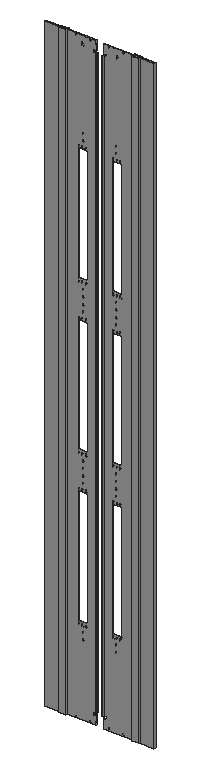
Revit family "ITK by ZPAS_ Фальшпанель вертикальная_ 42U-47U_800 мм", category Обобщенные модели, Revit 2019
Family settings
  Может служить основой для арматурных стержней = Нет
  Размер круглого соединителя = Использовать диаметр
  Тип детали = Нормальный
  На основе рабочей плоскости = Нет
  Всегда вертикально = Да
  При загрузке вырезать с полостями = Нет
  Общий = Нет
  Точка расчета площади = Нет
Parameters (values of type "В2100_Черная")
  Ширина = 500 mm
  Материал = Окраска - RAL 9005
  Изготовитель = "ITK"  # constant formula
  Дата изменения = ""
  Высота = 2100 mm
  URL = "https://www.iek.ru/"
  KSI_CPr_Строительные изделия = "61.1.04.08"  # constant formula
  KSI_CMa_Строительные материалы = "10.03.02.06"  # constant formula
  IEK_Цена за единицу = 29080.51
  IEK_Поиск в таблице имен = ""
  IEK_Описание = "Закрывают пространство между 19-дюймовыми монтажными профилями и боковой панелью шкафа. В фальшпанелях для шкафов шириной 800 мм предусмотрены отверстия для кабельных колец и установки кабельных каналов высотой 1U, что позволяет устанавливать различное дополнительное оборудование. Фальшпанели крепятся к монтажным профилям без использования инструментов."
  IEK_URL = "https://www.itk-group.ru/produktsiya/catalog/oborudovanie_telekommunikatsionnoe/kompleksnye_resheniya_dlya_tsod/shkafy_i_aksessuary_dlya_tsod/komplektuyushchie_i_aksessuary_dlya_shkafov_itk_by_zpas/paneli_peregorodki_itk_by_zpas/itk_by_zpas_falsh_panel_vertikalnaya_19_47u_800mm_chernaya_2sht_kompl"
  ADSK_Примечание = ""
  ADSK_Позиция [instance] = ""
  ADSK_Наименование = "ITK by ZPAS Фальшпанель вертикальная 19\" 47U 800 черная (2шт/компл)"
  ADSK_Материал обозначение = ""
  ADSK_Материал наименование = "Листовая сталь"  # constant formula
  ADSK_Масса = 26
  ADSK_Марка = "by ZPAS"  # constant formula
  ADSK_Код изделия = "ZP-FP05-47U-V-0800"
  ADSK_Завод-изготовитель = "IEK"  # constant formula
  ADSK_Единица измерения = "компл"  # constant formula
  ADSK_Группирование = "I. ЩИТЫ И ПУЛЬТЫ"  # constant formula
  ADSK_Версия семейства = "1.0"  # constant formula
  ADSK_Версия Revit = "2019"  # constant formula
  ADSK_URL страницы изделия = "https://www.itk-group.ru/produktsiya/catalog/oborudovanie_telekommunikatsionnoe/kompleksnye_resheniya_dlya_tsod/shkafy_i_aksessuary_dlya_tsod/komplektuyushchie_i_aksessuary_dlya_shkafov_itk_by_zpas/paneli_peregorodki_itk_by_zpas/?pagec=100"
Types (6, lengths in mm): name | Материал | Высота | IEK_Цена за единицу | IEK_URL | ADSK_Наименование | ADSK_Масса | ADSK_Код изделия
  В1900_Черная | Окраска - RAL 9005 | 1900 | 26940.7 | "https://www.itk-group.ru/produktsiya/catalog/oborudovanie_telekommunikatsionnoe/kompleksnye_resheniya_dlya_tsod/shkafy_i_aksessuary_dlya_tsod/komplektuyushchie_i_aksessuary_dlya_shkafov_itk_by_zpas/paneli_peregorodki_itk_by_zpas/itk_by_zpas_falsh_panel_vertikalnaya_19_42u_800mm_chernaya_2sht_kompl" | "ITK by ZPAS Фальшпанель вертикальная 19\" 42U 800 черная (2шт/компл)" | 25 | "ZP-FP05-42U-V-0800"
  В2000_Черная | Окраска - RAL 9005 | 2000 | 28222.04 | "https://www.itk-group.ru/produktsiya/catalog/oborudovanie_telekommunikatsionnoe/kompleksnye_resheniya_dlya_tsod/shkafy_i_aksessuary_dlya_tsod/komplektuyushchie_i_aksessuary_dlya_shkafov_itk_by_zpas/paneli_peregorodki_itk_by_zpas/itk_by_zpas_falsh_panel_vertikalnaya_19_45u_800mm_chernaya_2sht_kompl" | "ITK by ZPAS Фальшпанель вертикальная 19\" 45U 800 черная (2шт/компл)" | 25.5 | "ZP-FP05-45U-V-0800"
  В2100_Черная | Окраска - RAL 9005 | 2100 | 29080.51 | "https://www.itk-group.ru/produktsiya/catalog/oborudovanie_telekommunikatsionnoe/kompleksnye_resheniya_dlya_tsod/shkafy_i_aksessuary_dlya_tsod/komplektuyushchie_i_aksessuary_dlya_shkafov_itk_by_zpas/paneli_peregorodki_itk_by_zpas/itk_by_zpas_falsh_panel_vertikalnaya_19_47u_800mm_chernaya_2sht_kompl" | "ITK by ZPAS Фальшпанель вертикальная 19\" 47U 800 черная (2шт/компл)" | 26 | "ZP-FP05-47U-V-0800"
  В1900_Серая | Окраска - RAL 7035 | 1900 | 26940.7 | "https://www.itk-group.ru/produktsiya/catalog/oborudovanie_telekommunikatsionnoe/kompleksnye_resheniya_dlya_tsod/shkafy_i_aksessuary_dlya_tsod/komplektuyushchie_i_aksessuary_dlya_shkafov_itk_by_zpas/paneli_peregorodki_itk_by_zpas/itk_by_zpas_falsh_panel_vertikalnaya_19_42u_800mm_seraya_2sht_kompl" | "ITK by ZPAS Фальшпанель вертикальная 19\" 42U 800 серая (2шт/компл)" | 25 | "ZP-FP35-42U-V-0800"
  В2000_Серая | Окраска - RAL 7035 | 2000 | 28222.04 | "https://www.itk-group.ru/produktsiya/catalog/oborudovanie_telekommunikatsionnoe/kompleksnye_resheniya_dlya_tsod/shkafy_i_aksessuary_dlya_tsod/komplektuyushchie_i_aksessuary_dlya_shkafov_itk_by_zpas/paneli_peregorodki_itk_by_zpas/itk_by_zpas_falsh_panel_vertikalnaya_19_45u_800mm_seraya_2sht_kompl" | "ITK by ZPAS Фальшпанель вертикальная 19\" 45U 800 серая (2шт/компл)" | 25.5 | "ZP-FP35-45U-V-0800"
  В2100_Серая | Окраска - RAL 7035 | 2100 | 29080.51 | "https://www.itk-group.ru/produktsiya/catalog/oborudovanie_telekommunikatsionnoe/kompleksnye_resheniya_dlya_tsod/shkafy_i_aksessuary_dlya_tsod/komplektuyushchie_i_aksessuary_dlya_shkafov_itk_by_zpas/paneli_peregorodki_itk_by_zpas/itk_by_zpas_falsh_panel_vertikalnaya_19_47u_800mm_seraya_2sht_kompl" | "ITK by ZPAS Фальшпанель вертикальная 19\" 47U 800 серая (2шт/компл)" | 26 | "ZP-FP35-47U-V-0800"
Reference planes
  plane 1 "По центру (Вперед/Назад)": y = 0
  plane 2: z = 0
  plane 3 "По центру (Влево/Вправо)": x = 0
  plane 4: y = 5
  plane 5: z = 2100
  plane 6: z = 1050
  plane 7: z = 1575
  plane 8: z = 525
  plane 9: y = 4.25
  plane 10: y = 4.25
Forms (mm)
  Extrusion 1, solid, material "Окраска - RAL 9005" <- "Материал", detail levels fine
    sketch origin (0, 0, 0) x (1, 0, 0) y (0, 1, 0)
      loop
        line (-10, 0) -> (-10, 4.018)
        arc (-10, 4.018) -> (-10.288, 4.712) -> (-10.982, 5) r 0.982
        line (-10.982, 5) -> (-130, 5) -> (-130, 3.5) -> (-11.5, 3.5) -> (-11.5, 0) -> (-10, 0)
      loop
        line (10, 0) -> (11.5, 0) -> (11.5, 3.5) -> (130, 3.5) -> (130, 5) -> (11.009, 5)
        arc (11.009, 5) -> (10.296, 4.704) -> (10, 3.991) r 1.009
        line (10, 3.991) -> (10, 0)
    from 0 to 2100 <- "Высота"
  Extrusion 2, void
    sketch origin (0, 0, 0) x (1, 0, 0) y (0, 0, 1)
      loop
        line (-14.233, 2100) -> (-14.233, 2090) -> (-12.455, 2090) -> (-12.455, 2070) -> (-22.455, 2070) -> (-22.455, 2062) -> (-10, 2062) -> (-10, 2100) -> (-14.233, 2100)
      loop
        circle (-31.868, 2095.413) r 2.541
      loop
        circle (-81.868, 2095.413) r 2.541
      loop
        line (-62.274, 2078) -> (-62.274, 2070) -> (-56.274, 2070) -> (-56.274, 2076.708) -> (-57.565, 2078) -> (-62.274, 2078)
      loop
        circle (-56.274, 1800.721) r 2.541
      loop
        circle (-56.274, 1778.4) r 2.541
      loop
        line (-74.274, 1760.372) -> (-74.274, 1754.372) -> (-68.274, 1754.372) -> (-68.274, 1760.372) -> (-74.274, 1760.372)
      loop
        line (-14.233, 0) -> (-10, 0) -> (-10, 38) -> (-22.455, 38) -> (-22.455, 30) -> (-12.455, 30) -> (-12.455, 10) -> (-14.233, 10) -> (-14.233, 0)
      loop
        circle (-31.868, 4.587) r 2.541
      loop
        circle (-81.868, 4.587) r 2.541
      loop
        line (-74.274, 1751.311) -> (-74.274, 1351.311) -> (-43.274, 1351.311) -> (-43.274, 1751.311) -> (-74.274, 1751.311)
      loop
        line (-49.274, 1760.372) -> (-49.274, 1754.372) -> (-43.274, 1754.372) -> (-43.274, 1760.372) -> (-49.274, 1760.372)
      loop
        line (-61.774, 1760.387) -> (-61.774, 1754.387) -> (-55.774, 1754.387) -> (-55.774, 1760.387) -> (-61.774, 1760.387)
      loop
        circle (-56.274, 1299.279) r 2.541
      loop
        circle (-56.274, 1321.6) r 2.541
      loop
        line (-74.274, 1339.628) -> (-68.274, 1339.628) -> (-68.274, 1345.628) -> (-74.274, 1345.628) -> (-74.274, 1339.628)
      loop
        line (-49.274, 1339.628) -> (-43.274, 1339.628) -> (-43.274, 1345.628) -> (-49.274, 1345.628) -> (-49.274, 1339.628)
      loop
        line (-61.774, 1339.613) -> (-55.774, 1339.613) -> (-55.774, 1345.613) -> (-61.774, 1345.613) -> (-61.774, 1339.613)
      loop
        circle (-56.274, 1274.41) r 2.541
      loop
        circle (-56.274, 1252.09) r 2.541
      loop
        line (-74.274, 1234.061) -> (-74.274, 1228.061) -> (-68.274, 1228.061) -> (-68.274, 1234.061) -> (-74.274, 1234.061)
      loop
        line (-74.274, 1225) -> (-74.274, 825) -> (-43.274, 825) -> (-43.274, 1225) -> (-74.274, 1225)
      loop
        line (-49.274, 1234.061) -> (-49.274, 1228.061) -> (-43.274, 1228.061) -> (-43.274, 1234.061) -> (-49.274, 1234.061)
      loop
        line (-61.774, 1234.076) -> (-61.774, 1228.076) -> (-55.774, 1228.076) -> (-55.774, 1234.076) -> (-61.774, 1234.076)
      loop
        circle (-56.274, 772.968) r 2.541
      loop
        circle (-56.274, 795.289) r 2.541
      loop
        line (-74.274, 813.317) -> (-68.274, 813.317) -> (-68.274, 819.317) -> (-74.274, 819.317) -> (-74.274, 813.317)
      loop
        line (-49.274, 813.317) -> (-43.274, 813.317) -> (-43.274, 819.317) -> (-49.274, 819.317) -> (-49.274, 813.317)
      loop
        line (-61.774, 813.302) -> (-55.774, 813.302) -> (-55.774, 819.302) -> (-61.774, 819.302) -> (-61.774, 813.302)
      loop
        circle (-56.274, 749.41) r 2.541
      loop
        circle (-56.274, 727.09) r 2.541
      loop
        line (-74.274, 709.061) -> (-74.274, 703.061) -> (-68.274, 703.061) -> (-68.274, 709.061) -> (-74.274, 709.061)
      loop
        line (-74.274, 700) -> (-74.274, 300) -> (-43.274, 300) -> (-43.274, 700) -> (-74.274, 700)
      loop
        line (-49.274, 709.061) -> (-49.274, 703.061) -> (-43.274, 703.061) -> (-43.274, 709.061) -> (-49.274, 709.061)
      loop
        line (-61.774, 709.076) -> (-61.774, 703.076) -> (-55.774, 703.076) -> (-55.774, 709.076) -> (-61.774, 709.076)
      loop
        circle (-56.274, 247.968) r 2.541
      loop
        circle (-56.274, 270.289) r 2.541
      loop
        line (-74.274, 288.317) -> (-68.274, 288.317) -> (-68.274, 294.317) -> (-74.274, 294.317) -> (-74.274, 288.317)
      loop
        line (-49.274, 288.317) -> (-43.274, 288.317) -> (-43.274, 294.317) -> (-49.274, 294.317) -> (-49.274, 288.317)
      loop
        line (-61.774, 288.302) -> (-55.774, 288.302) -> (-55.774, 294.302) -> (-61.774, 294.302) -> (-61.774, 288.302)
      loop
        line (14.233, 2100) -> (10, 2100) -> (10, 2062) -> (22.455, 2062) -> (22.455, 2070) -> (12.455, 2070) -> (12.455, 2090) -> (14.233, 2090) -> (14.233, 2100)
      loop
        circle (31.868, 2095.413) r 2.541
      loop
        circle (81.868, 2095.413) r 2.541
      loop
        line (62.274, 2078) -> (57.565, 2078) -> (56.274, 2076.708) -> (56.274, 2070) -> (62.274, 2070) -> (62.274, 2078)
      loop
        circle (56.274, 1800.721) r 2.541
      loop
        circle (56.274, 1778.4) r 2.541
      loop
        line (74.274, 1760.372) -> (68.274, 1760.372) -> (68.274, 1754.372) -> (74.274, 1754.372) -> (74.274, 1760.372)
      loop
        line (14.233, 0) -> (14.233, 10) -> (12.455, 10) -> (12.455, 30) -> (22.455, 30) -> (22.455, 38) -> (10, 38) -> (10, 0) -> (14.233, 0)
      loop
        circle (31.868, 4.587) r 2.541
      loop
        circle (81.868, 4.587) r 2.541
      loop
        line (74.274, 1751.311) -> (43.274, 1751.311) -> (43.274, 1351.311) -> (74.274, 1351.311) -> (74.274, 1751.311)
      loop
        line (49.274, 1760.372) -> (43.274, 1760.372) -> (43.274, 1754.372) -> (49.274, 1754.372) -> (49.274, 1760.372)
      loop
        line (61.774, 1760.387) -> (55.774, 1760.387) -> (55.774, 1754.387) -> (61.774, 1754.387) -> (61.774, 1760.387)
      loop
        circle (56.274, 1299.279) r 2.541
      loop
        circle (56.274, 1321.6) r 2.541
      loop
        line (74.274, 1339.628) -> (74.274, 1345.628) -> (68.274, 1345.628) -> (68.274, 1339.628) -> (74.274, 1339.628)
      loop
        line (49.274, 1339.628) -> (49.274, 1345.628) -> (43.274, 1345.628) -> (43.274, 1339.628) -> (49.274, 1339.628)
      loop
        line (61.774, 1339.613) -> (61.774, 1345.613) -> (55.774, 1345.613) -> (55.774, 1339.613) -> (61.774, 1339.613)
      loop
        circle (56.274, 1274.41) r 2.541
      loop
        circle (56.274, 1252.09) r 2.541
      loop
        line (74.274, 1234.061) -> (68.274, 1234.061) -> (68.274, 1228.061) -> (74.274, 1228.061) -> (74.274, 1234.061)
      loop
        line (74.274, 1225) -> (43.274, 1225) -> (43.274, 825) -> (74.274, 825) -> (74.274, 1225)
      loop
        line (49.274, 1234.061) -> (43.274, 1234.061) -> (43.274, 1228.061) -> (49.274, 1228.061) -> (49.274, 1234.061)
      loop
        line (61.774, 1234.076) -> (55.774, 1234.076) -> (55.774, 1228.076) -> (61.774, 1228.076) -> (61.774, 1234.076)
      loop
        circle (56.274, 772.968) r 2.541
      loop
        circle (56.274, 795.289) r 2.541
      loop
        line (74.274, 813.317) -> (74.274, 819.317) -> (68.274, 819.317) -> (68.274, 813.317) -> (74.274, 813.317)
      loop
        line (49.274, 813.317) -> (49.274, 819.317) -> (43.274, 819.317) -> (43.274, 813.317) -> (49.274, 813.317)
      loop
        line (61.774, 813.302) -> (61.774, 819.302) -> (55.774, 819.302) -> (55.774, 813.302) -> (61.774, 813.302)
      loop
        circle (56.274, 749.41) r 2.541
      loop
        circle (56.274, 727.09) r 2.541
      loop
        line (74.274, 709.061) -> (68.274, 709.061) -> (68.274, 703.061) -> (74.274, 703.061) -> (74.274, 709.061)
      loop
        line (74.274, 700) -> (43.274, 700) -> (43.274, 300) -> (74.274, 300) -> (74.274, 700)
      loop
        line (49.274, 709.061) -> (43.274, 709.061) -> (43.274, 703.061) -> (49.274, 703.061) -> (49.274, 709.061)
      loop
        line (61.774, 709.076) -> (55.774, 709.076) -> (55.774, 703.076) -> (61.774, 703.076) -> (61.774, 709.076)
      loop
        circle (56.274, 247.968) r 2.541
      loop
        circle (56.274, 270.289) r 2.541
      loop
        line (74.274, 288.317) -> (74.274, 294.317) -> (68.274, 294.317) -> (68.274, 288.317) -> (74.274, 288.317)
      loop
        line (49.274, 288.317) -> (49.274, 294.317) -> (43.274, 294.317) -> (43.274, 288.317) -> (49.274, 288.317)
      loop
        line (61.774, 288.302) -> (61.774, 294.302) -> (55.774, 294.302) -> (55.774, 288.302) -> (61.774, 288.302)
    from 0 to -5
  Extrusion 3, solid, material "Окраска - RAL 9005", detail levels fine
    sketch origin (0, 0, 0) x (1, 0, 0) y (0, 1, 0)
      loop
        line (-112.518, 5) -> (-112.518, 10) -> (-136.354, 10) -> (-136.354, 6.755) -> (-186.354, 6.755) -> (-186.354, 1.745) -> (-136.354, 1.745) -> (-136.354, -1.5) -> (-112.518, -1.5) -> (-112.518, 3.5) -> (-130, 3.5) -> (-130, 5) -> (-112.518, 5)
      loop
        line (112.518, 5) -> (130, 5) -> (130, 3.5) -> (112.518, 3.5) -> (112.518, -1.5) -> (136.354, -1.5) -> (136.354, 1.745) -> (186.354, 1.745) -> (186.354, 6.755) -> (136.354, 6.755) -> (136.354, 10) -> (112.518, 10) -> (112.518, 5)
    from 0 to 2100 <- "Высота"
  Extrusion 4, solid, material "Условный материал-отделка", detail levels coarse+medium
    sketch origin (0, 0, 0) x (1, 0, 0) y (0, 1, 0)
      loop
        line (-186.354, -1.5) -> (-10, -1.5) -> (-10, 10) -> (-186.354, 10) -> (-186.354, -1.5)
      loop
        line (186.354, -1.5) -> (186.354, 10) -> (10, 10) -> (10, -1.5) -> (186.354, -1.5)
    from 0 to 2100 <- "Высота"
Cuts and joins
  Extrusion 2 cuts Extrusion 1
Dimensions and locks
  "Высота": plane 5 to level
  equal spacing: plane 5, plane 7, plane 6, plane 8, level
  aligned and locked: level to plane 2
  aligned and locked: plane 4 to Extrusion 1 sketch curve
  aligned and locked: Extrusion 1 sketch curve to plane 1 "По центру (Вперед/Назад)"
  aligned and locked: plane 5 to Extrusion 1
  aligned and locked: plane 5 to Extrusion 2 sketch curve
  aligned and locked: Extrusion 2 sketch curve to plane 5
  aligned and locked: Extrusion 1 to Extrusion 2 sketch curve
  aligned and locked: plane 4 to Extrusion 2
  aligned and locked: plane 4 to Extrusion 3 sketch curve
  aligned and locked: Extrusion 3 sketch curve to cut or joined group of Extrusion 1, Extrusion 2  (x2)
Automatic sketch dimensions
  plane 1 "По центру (Вперед/Назад)" to Extrusion 1 sketch curve = 0 mm
  Extrusion 1 sketch curve to plane 4 = 0 mm
  Extrusion 1 sketch curve to plane 4 = 1.5 mm  (x2)
  Extrusion 1 sketch curve to plane 3 "По центру (Влево/Вправо)" = 130 mm
  Extrusion 1 sketch curve to plane 3 "По центру (Влево/Вправо)" = 11.5 mm
  Extrusion 1 sketch curve to Extrusion 1 sketch curve = 0.518 mm
  Extrusion 1 sketch curve to Extrusion 1 sketch curve = 1.5 mm
  plane 3 "По центру (Влево/Вправо)" to Extrusion 1 sketch curve = 10 mm
  Extrusion 1 sketch curve to plane 4 = 1.009 mm
  Extrusion 1 sketch curve to Extrusion 1 sketch curve = 0.491 mm
  Extrusion 1 sketch curve to Extrusion 1 sketch curve = 118.5 mm
  Extrusion 2 sketch curve to level = 0 mm  (x2)
  Extrusion 2 sketch curve to plane 5 = 0 mm
  Extrusion 2 sketch curve to Extrusion 2 sketch curve = 2.455 mm  (x4)
  Extrusion 2 sketch curve to plane 3 "По центру (Влево/Вправо)" = 12.455 mm
  Extrusion 2 sketch curve to Extrusion 2 sketch curve = 4.233 mm  (x2)
  Extrusion 2 sketch curve to Extrusion 2 sketch curve = 1.778 mm  (x2)
  Extrusion 2 sketch curve to Extrusion 2 sketch curve = 10 mm  (x3)
  Extrusion 2 sketch curve to Extrusion 2 sketch curve = 12.455 mm
  Extrusion 2 sketch curve to plane 5 = 4.587 mm  (x4)
  Extrusion 2 sketch curve to Extrusion 2 sketch curve = 17.635 mm  (x4)
  level to Extrusion 2 sketch curve = 4.587 mm  (x4)
  Extrusion 2 sketch curve to plane 3 "По центру (Влево/Вправо)" = 43.274 mm  (x4)
  Extrusion 2 sketch curve to Extrusion 2 sketch curve = 0 mm  (x25)
  Extrusion 2 sketch curve to Extrusion 2 sketch curve = 6 mm  (x73)
  Extrusion 2 sketch curve to Extrusion 2 sketch curve = 6.5 mm  (x24)
  Extrusion 2 sketch curve to Extrusion 2 sketch curve = 0.5 mm  (x17)
  Extrusion 2 sketch curve to plane 5 = 23.292 mm
  Extrusion 2 sketch curve to Extrusion 2 sketch curve = 24.406 mm  (x2)
  Extrusion 2 sketch curve to plane 5 = 22 mm
  Extrusion 2 sketch curve to Extrusion 2 sketch curve = 1.292 mm  (x3)
  Extrusion 2 sketch curve to Extrusion 2 sketch curve = 4.708 mm  (x2)
  Extrusion 2 sketch curve to Extrusion 2 sketch curve = 50 mm  (x2)
  Extrusion 2 sketch curve to Extrusion 2 sketch curve = 19.594 mm  (x2)
  plane 3 "По центру (Влево/Вправо)" to Extrusion 2 sketch curve = 10 mm  (x2)
  plane 3 "По центру (Влево/Вправо)" to Extrusion 2 sketch curve = 43.274 mm  (x6)
  level to Extrusion 2 sketch curve = 10 mm  (x2)
  Extrusion 2 sketch curve to Extrusion 2 sketch curve = 20 mm  (x2)
  Extrusion 2 sketch curve to Extrusion 2 sketch curve = 8 mm  (x5)
  Extrusion 2 sketch curve to Extrusion 2 sketch curve = 209.968 mm
  Extrusion 2 sketch curve to Extrusion 2 sketch curve = 22.321 mm  (x12)
  Extrusion 2 sketch curve to Extrusion 2 sketch curve = 18.013 mm  (x12)
  Extrusion 2 sketch curve to Extrusion 2 sketch curve = 0.015 mm  (x18)
  Extrusion 2 sketch curve to Extrusion 2 sketch curve = 5.683 mm  (x6)
  plane 8 to Extrusion 2 sketch curve = 175 mm
  Extrusion 2 sketch curve to Extrusion 2 sketch curve = 3.061 mm  (x12)
  Extrusion 2 sketch curve to Extrusion 2 sketch curve = 23.558 mm  (x2)
  plane 6 to Extrusion 2 sketch curve = 175 mm
  Extrusion 2 sketch curve to Extrusion 2 sketch curve = 24.868 mm  (x2)
  plane 7 to Extrusion 2 sketch curve = 176.311 mm
  Extrusion 2 sketch curve to plane 5 = 38 mm
  Extrusion 2 sketch curve to plane 5 = 30 mm
  Extrusion 2 sketch curve to Extrusion 2 sketch curve = 6.708 mm
  Extrusion 2 sketch curve to plane 5 = 10 mm  (x2)
  Extrusion 3 sketch curve to plane 4 = 0 mm
  Extrusion 3 sketch curve to Extrusion 3 sketch curve = 6.354 mm  (x4)
  plane 1 "По центру (Вперед/Назад)" to Extrusion 3 sketch curve = 1.5 mm  (x2)
  plane 4 to Extrusion 3 sketch curve = 1.755 mm  (x2)
  Extrusion 3 sketch curve to Extrusion 3 sketch curve = 50 mm  (x2)
  Extrusion 3 sketch curve to Extrusion 3 sketch curve = 17.482 mm  (x2)
  Extrusion 3 sketch curve to Extrusion 3 sketch curve = 0 mm  (x2)
  plane 3 "По центру (Влево/Вправо)" to Extrusion 3 sketch curve = 112.518 mm
  Extrusion 3 sketch curve to plane 1 "По центру (Вперед/Назад)" = 1.745 mm  (x2)
  plane 9 to Extrusion 3 sketch curve = 0.75 mm
  Extrusion 3 sketch curve to Extrusion 3 sketch curve = 5 mm
  Extrusion 3 sketch curve to Extrusion 3 sketch curve = 3.245 mm
  plane 4 to Extrusion 4 sketch curve = 5 mm  (x2)
  Extrusion 4 sketch curve to plane 3 "По центру (Влево/Вправо)" = 186.354 mm
  Extrusion 4 sketch curve to plane 3 "По центру (Влево/Вправо)" = 10 mm
  plane 1 "По центру (Вперед/Назад)" to Extrusion 4 sketch curve = 1.5 mm  (x2)
  plane 3 "По центру (Влево/Вправо)" to Extrusion 4 sketch curve = 10 mm
  Extrusion 4 sketch curve to Extrusion 4 sketch curve = 176.354 mm
  radius of Extrusion 2 sketch curve = 2.541 mm  (x32)
